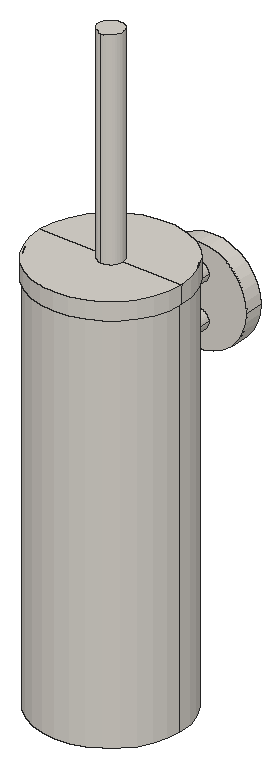
Revit family "Toilet Brush", category Generic Models, Revit 2026
Family settings
  Can host rebar = No
  Round Connector Dimension = Use Diameter
  Part Type = Normal
  Work Plane-Based = Yes
  Always vertical = Yes
  Cut with Voids When Loaded = No
  Maintain Annotation Orientation = No
  Shared = No
  Room Calculation Point = No
Parameters (values of type "BRUSHED NICKEL")
  Width = 90 mm
  Material = BM_NICKEL
  Height = 387 mm
  Depth = 126 mm
  Default Elevation = 1219.2 mm
Types (6, lengths in mm): name | Material
  (no name) | BM_NICKEL
  MATTE BLACK | BM_MATTE BLACK
  BRUSHED NICKEL | BM_NICKEL
  BRUSHED ANTIQUE BRASS | BM_ANTIQUE BRASS
  BRUSHED BRASS GOLD | BM_BRASS GOLD
  BRUSHED GUNMETAL | BM_GUNMETAL
Reference planes
  plane 1 "Center (Front/Back)": y = 0
  plane 2: z = 0
  plane 3 "Center (Left/Right)": x = 0
  plane 4: x = -45
  plane 5: x = 45
  plane 6: z = 175
  plane 7: z = 234.772
  plane 8: x = -30
  plane 9: z = 257
  plane 10: z = 246
  plane 11: x = -7.5
  plane 12: x = 7.5
  plane 13: y = -81
  plane 14: y = -36
  plane 15: y = -126
  plane 16: y = -11
  plane 17: z = 387
  plane 18: x = 30
Forms (mm)
  Extrusion 1, solid, material "BM_NICKEL" <- "Material"
    sketch origin (0, 0, 0) x (1, 0, 0) y (0, 0, 1)
      loop
        circle (0, 204.772) r 30
    from 0 to 11
  Extrusion 2, solid, material "BM_NICKEL" <- "Material"
    sketch origin (0, -11, 0) x (1, 0, 0) y (0, 0, 1)
      loop
        circle (0, 218.272) r 6
      loop
        circle (0, 191.5) r 6
    from 0 to 26.522
  Revolve 3, solid, material "BM_NICKEL" <- "Material"
    sketch origin (0, -81, 0) x (1, 0, 0) y (0, 0, 1)
      loop
        line (0, 256) -> (-44, 256) -> (-44, 3.095)
        arc (-44, 3.095) -> (-22.055, 0.77) -> (0, 0) r 312.361
        line (0, 0) -> (0, 256)
      axis (0, 256) -> (0, 0)
    angle from 0 to 360
  Revolve 4, solid, material "BM_NICKEL" <- "Material"
    sketch origin (0, -81, 0) x (1, 0, 0) y (0, 0, 1)
      loop
        line (0, 257) -> (-45, 257) -> (-45, 246) -> (-44, 246) -> (-44, 256) -> (0, 256) -> (0, 257)
      axis (0, 246) -> (0, 257)
    angle from 0 to 360
  Extrusion 5, solid, material "BM_NICKEL" <- "Material"
    sketch origin (0, -81, 257) x (0, 1, 0) y (-1, 0, 0)
      loop
        circle (0, 0) r 7.5
    from 0 to 130
Cuts and joins
  joined: Extrusion 2, Revolve 3
Text (mm)
  text "Refer to www.buildmat.com.au for the most current product literature. \nAllow a +/- 5mm tolerance for dimensions shown in the product literature. \nPlease note product details are subject to change due to ongoing product development." at (-3.416, -485.439, 0), in view "Ref. Level"
Dimensions and locks
  "Depth": plane 15 to plane 1 "Center (Front/Back)"
  "Width": plane 4 to plane 5
  plane 7 to plane 6 = 59.772 mm
  plane 1 "Center (Front/Back)" to plane 14 to plane 15 = 36 mm, 90 mm
  "Height": plane 17 to level
  plane 17 to plane 9 to level = 130 mm, 257 mm
  plane 5 to plane 4 = 90 mm
  aligned and locked: level to plane 2
Automatic sketch dimensions
  Extrusion 1 sketch curve to plane 3 "Center (Left/Right)" = 0 mm
  plane 6 to Extrusion 1 sketch curve = 29.772 mm
  Extrusion 2 sketch curve to Extrusion 2 sketch curve = 0 mm
  Extrusion 2 sketch curve to Extrusion 2 sketch curve = 26.772 mm
  Revolve 3 sketch curve to plane 3 "Center (Left/Right)" = 0 mm  (x2)
  Revolve 3 sketch curve to level = 0 mm  (x2)
  Revolve 3 sketch curve to plane 10 = 0 mm
  Revolve 3 sketch curve to plane 3 "Center (Left/Right)" = 0.135 mm
  plane 4 to Revolve 3 sketch curve = 1 mm
  level to Revolve 3 sketch curve = 3.095 mm
  Revolve 3 sketch curve to plane 9 = 1 mm
  Revolve 4 sketch curve to plane 4 = 0 mm
  Revolve 4 sketch curve to plane 10 = 0 mm
  Revolve 4 sketch curve to plane 3 "Center (Left/Right)" = 0 mm  (x2)
  Revolve 4 sketch curve to plane 9 = 0 mm  (x2)
  plane 4 to Revolve 4 sketch curve = 1 mm
  Revolve 4 sketch curve to plane 9 = 1 mm
  Revolve 4 sketch curve to Revolve 4 sketch curve = 1 mm
  radius of Extrusion 1 sketch curve = 30 mm
  radius of Extrusion 2 sketch curve = 6 mm  (x2)
  radius of Extrusion 5 sketch curve to Revolve 4 = 37.5 mm
